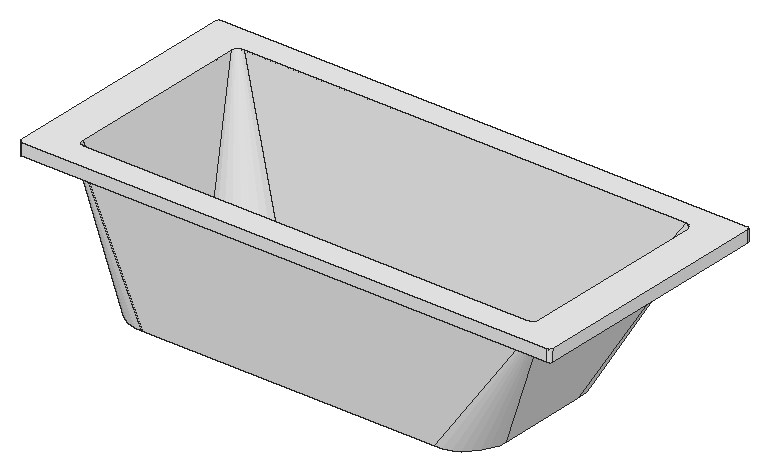
Revit family "NLRS_74_PF_UN_bad_S8B13901000_SPHINX_BCB", category Plumbing Fixtures, Revit 2016
Family settings
  Part Type = Normal
  Round Connector Dimension = Use Radius
  OmniClass Number = 23.45.00.00
  OmniClass Title = Sanitary, Laundry, and Cleaning Equipment
  Work Plane-Based = No
  Always vertical = Yes
  Cut with Voids When Loaded = No
  Shared = No
  Room Calculation Point = No
Parameters
  NLRS_C_type = "bad"
  NLRS_C_serie = "B55"
  radius = 26 mm
  NLRS_C_revit_versie = "2016"
  NLRS_C_content_versie = "2.0"
  NLRS_C_content_provider = "BouwConnect"
  NLRS_C_content_datum_uitgifte = "APR-2018"
  NLRS_C_content_datum_gewijzigd = "APR-2018"
  NLRS_C_content_creator = "BouwConnect"
  NLRS_C_URL_product_data = "http://www.sphinx.nl/producten/baden/rechthoekige-baden/sphinx-b55-%7C-bad-b55supero/36838/"
  NLRS_C_code_artikel = "S8B13901000"
  WFU = 0
  URL = "http://www.sphinx.nl/"
  NLRS_S_gewicht = 27.00 kg
  NLRS_C_materiaal = NLRS_n6_acryl_wit_Sphinx
  NLRS_C_lengte = 1600 mm
  NLRS_C_hoogte = 464 mm
  NLRS_C_diameter_uit = 50 mm
  NLRS_C_breedte = 750 mm
  Model = ""
  Manufacturer = "Sphinx"
  Keynote = ""
  IfcTypeProduct = "IfcSanitaryTerminalType"
  IfcExportType = "BATH"
  IfcExportAs = "IfcSanitaryTerminalTypeEnum"
  IfcElement = "IfcFlowTerminal"
  NLRS_C_code_EAN = ""
  Description = "bad"
  NLRS_C_URL_BCB = "http://bcb-online.nl/?zoekterm=Sphinx+++%5bGeberit+B.V.%5d"
  Assembly Code = ""
Reference planes
  plane 1 "Center (Front/Back)": y = 0
  plane 2: z = 0
  plane 3 "Center (Left/Right)": x = 0
  plane 4: z = -464
Forms (mm)
  Extrusion 1, solid, material "NLRS_n6_acryl_wit_Sphinx" <- "NLRS_C_materiaal", detail levels medium+fine
    sketch origin (0, 0, 0) x (1, 0, 0) y (0, 1, 0)
      loop
        line (790, 375) -> (-790, 375)
        arc (-790, 375) -> (-797.071, 372.071) -> (-800, 365) r 10
        line (-800, 365) -> (-800, -365)
        arc (-800, -365) -> (-797.071, -372.071) -> (-790, -375) r 10
        line (-790, -375) -> (790, -375)
        arc (790, -375) -> (797.071, -372.071) -> (800, -365) r 10
        line (800, -365) -> (800, 365)
        arc (800, 365) -> (797.071, 372.071) -> (790, 375) r 10
    from -35 to 0
  Blend 2, solid, material "NLRS_n6_acryl_wit_Sphinx" <- "NLRS_C_materiaal", detail levels medium+fine
    base sketch origin (0, 0, 0) x (1, 0, 0) y (0, 1, 0)
      loop
        line (358.453, 258.5) -> (-523.45, 258.5)
        arc (-523.45, 258.5) -> (-608.303, 223.353) -> (-643.45, 138.5) r 120
        line (-643.45, 138.5) -> (-643.45, -138.5)
        arc (-643.45, -138.5) -> (-608.303, -223.353) -> (-523.45, -258.5) r 120
        line (-523.45, -258.5) -> (358.453, -258.5)
        arc (358.453, -258.5) -> (443.305, -223.353) -> (478.453, -138.5) r 120
        line (478.453, -138.5) -> (478.453, 138.5)
        arc (478.453, 138.5) -> (443.305, 223.353) -> (358.453, 258.5) r 120
    top sketch origin (0, 0, 0) x (1, 0, 0) y (0, 1, 0)
      loop
        line (-690, 285) -> (-690, -285)
        arc (-690, -285) -> (-684.142, -299.142) -> (-670, -305) r 20
        line (-670, -305) -> (680, -305)
        arc (680, -305) -> (694.142, -299.142) -> (700, -285) r 20
        line (700, -285) -> (700, 285)
        arc (700, 285) -> (694.142, 299.142) -> (680, 305) r 20
        line (680, 305) -> (-670, 305)
        arc (-670, 305) -> (-684.142, 299.142) -> (-690, 285) r 20
    from -464 to -35
  Blend 3, void, detail levels medium+fine
    base sketch origin (0, 0, 0) x (1, 0, 0) y (0, 1, 0)
      loop
        line (353.453, 253.5) -> (-518.45, 253.5)
        arc (-518.45, 253.5) -> (-603.303, 218.353) -> (-638.45, 133.5) r 120
        line (-638.45, 133.5) -> (-638.45, -133.5)
        arc (-638.45, -133.5) -> (-603.303, -218.353) -> (-518.45, -253.5) r 120
        line (-518.45, -253.5) -> (353.453, -253.5)
        arc (353.453, -253.5) -> (438.305, -218.353) -> (473.453, -133.5) r 120
        line (473.453, -133.5) -> (473.453, 133.5)
        arc (473.453, 133.5) -> (438.305, 218.353) -> (353.453, 253.5) r 120
    top sketch origin (0, 0, 0) x (1, 0, 0) y (0, 1, 0)
      loop
        line (-685, 280) -> (-685, -280)
        arc (-685, -280) -> (-679.142, -294.142) -> (-665, -300) r 20
        line (-665, -300) -> (675, -300)
        arc (675, -300) -> (689.142, -294.142) -> (695, -280) r 20
        line (695, -280) -> (695, 280)
        arc (695, 280) -> (689.142, 294.142) -> (675, 300) r 20
        line (675, 300) -> (-665, 300)
        arc (-665, 300) -> (-679.142, 294.142) -> (-685, 280) r 20
    from -454 to 10
  Extrusion 4, solid, material "NLRS_n6_acryl_wit_Sphinx" <- "NLRS_C_materiaal", detail levels coarse
    sketch origin (0, 0, 0) x (1, 0, 0) y (0, 1, 0)
      loop
        line (790, 375) -> (-790, 375)
        arc (-790, 375) -> (-797.071, 372.071) -> (-800, 365) r 10
        line (-800, 365) -> (-800, -365)
        arc (-800, -365) -> (-797.071, -372.071) -> (-790, -375) r 10
        line (-790, -375) -> (790, -375)
        arc (790, -375) -> (797.071, -372.071) -> (800, -365) r 10
        line (800, -365) -> (800, 365)
        arc (800, 365) -> (797.071, 372.071) -> (790, 375) r 10
    from -464 to 0
  Extrusion 5, void
    sketch origin (0, 0, 0) x (1, 0, 0) y (0, 1, 0)
      loop
        arc (-690, -285) -> (-684.142, -299.142) -> (-670, -305) r 20
        line (-670, -305) -> (680, -305)
        arc (680, -305) -> (694.142, -299.142) -> (700, -285) r 20
        line (700, -285) -> (700, 285)
        arc (700, 285) -> (694.142, 299.142) -> (680, 305) r 20
        line (680, 305) -> (-670, 305)
        arc (-670, 305) -> (-684.142, 299.142) -> (-690, 285) r 20
        line (-690, 285) -> (-690, -285)
    from -430 to 10
  Extrusion 6, solid, not visible
    sketch origin (0, 0, 0) x (1, 0, 0) y (0, 1, 0)
      loop
        circle (-490, 0) r 49.854
    from -464 to -454
Cuts and joins
  Blend 3 cuts Extrusion 1
  Blend 3 cuts Blend 2
  joined: Extrusion 1, Blend 2
  Extrusion 5 cuts Extrusion 4
Dimensions and locks
  aligned and locked: level to plane 2
Connectors
  piping at (-490, 0, -464), diameter 52, driven by "radius", driven by "WFU"
    settings: on Extrusion 6, index 1, connector inside diameter 609.6 mm, connector length 0 mm, flow factor 0, pipe flow 0.0 L/s, pressure drop 0.0 Pa, fitting loss kfactor 0, connector angle 0.00°, fixture units 0, engagement length 0 mm, angle of deflection 0.00°, flow configuration 3, flow direction 2, fitting loss method 0, system type 16, joint type 0, gender type 0, connector reference index -1, connector utility 0, adjustable connector no, is connector primary yes, connector description "out"
